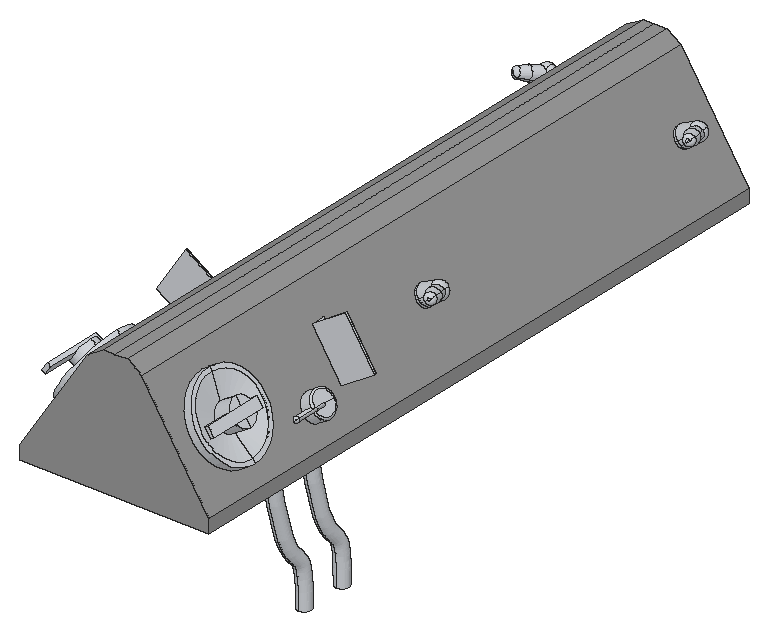
Revit family "Dual_Wall_Shower-Willoughby-CWDS-HCA", category Plumbing Fixtures, Revit 2015
Parameters (values of type "Standard")
  Waste Connection = no
  Vent Connection = no
  URL = "https://www.willoughby-ind.com/wp-content/uploads/2018/01/CWDS-HCA.pdf"
  Revision = "A"
  Model = "CWDS-HCA"
  Manufacturer = "Willoughby Industries"
  HW Connection = yes
  HCW DIA = 1/2"
  Fixture Body = Stainless Steel AISI 304-Willoughby
  Description = "Handicap Accessible Dual Station Shower"
  Default Elevation = 0' - 0"
  Contact = "(800) 428-4065"
  CW Connection = yes
Reference planes (in)
  plane 1 "Center (Front/Back)": y = 0
  plane 2: z = 0
  plane 3 "Center (Left/Right)": x = 0
  plane 4 "Left Side": x = -7
  plane 5 "Right Side": x = 7
  plane 6 "Shower head HGT": y = 72
  plane 7 "Top Of Unit": y = 103
  plane 8 "Bottom Of Unit": y = 53
  plane 9: z = 9.5
  plane 10: y = 57
  plane 11: through (4.25, 0, 4.89711) normal (0.5, 0, -0.866)
  plane 12: y = 63
  plane 13: through (-2, 0, 8.79423) normal (-0.866, 0, 0.5)
Forms (in)
  Extrusion 1, solid, material "Stainless Steel AISI 304-Willoughby" <- "Fixture Body"
    sketch origin (0, 53, 0) x (-1, 0, 0) y (0, 0, 1)
      loop
        line (-7, 0) -> (7, 0) -> (7, 1) -> (2, 8.79423) -> (0.77757, 9.5) -> (0, 9.5) -> (-0.9375, 9.5) -> (-2, 8.79423) -> (-7, 1) -> (-7, 0)
    from 0 to 50
  Sweep 2, solid
    path origin (0, 0, 0) x (0, 1, 0) y (0, 0, 1)
      loop
        spline (66.24397, 4.06332) -> (66.79783, -0.61575) -> (67.3435, -4.19488) -> (67.87276, -6.83413) -> (68.37738, -8.69359) -> (68.84913, -9.93334) -> (69.27978, -10.71345) -> (69.66111, -11.194) -> (69.98487, -11.53506) -> (70.24286, -11.89674) -> (70.42855, -12.45422) -> (70.54041, -13.42679) -> (70.57784, -15.04169)
    profile origin (0, 69.27978, -10.71345) x (0, 0.828914, 0.559375) y (1, 0, 0)
      loop
        circle (0, 0) r 0.5
  Sweep 3, solid
    path origin (0, 3.5, 0) x (0, 1, 0) y (0, 0, 1)
      loop
        spline (66.24397, 4.06332) -> (66.79783, -0.61575) -> (67.3435, -4.19488) -> (67.87276, -6.83413) -> (68.37738, -8.69359) -> (68.84913, -9.93334) -> (69.27978, -10.71345) -> (69.66111, -11.194) -> (69.98487, -11.53506) -> (70.24286, -11.89674) -> (70.42855, -12.45422) -> (70.54041, -13.42679) -> (70.57784, -15.04169)
    profile origin (0, 72.77978, -10.71345) x (0, 0.828914, 0.559375) y (1, 0, 0)
      loop
        circle (0, 0) r 0.5
  Revolve 4, solid
    sketch origin (-4.96295, 30.63672, -1.17333) x (0, 1, 0) y (0.841699, 0, 0.539947)
      loop
        line (69.40772, 11.24267) -> (70.15772, 11.24267) -> (70.15772, 11.49267) -> (70.03272, 12.61767)
        arc (70.03272, 12.61767) -> (69.82377, 12.99711) -> (69.40772, 13.11767) r 0.56596
        line (69.40772, 13.11767) -> (69.40772, 11.24267)
      axis (69.40772, 13.11767) -> (69.40772, 11.24267)
    angle from 0 to 360
  Revolve 5, solid
    sketch origin (-4.96295, 30.63672, -1.17333) x (0, 1, 0) y (0.841699, 0, 0.539947)
      loop
        line (69.15772, 12.61767) -> (67.42567, 13.61767) -> (67.36317, 13.50941)
        arc (67.36317, 13.50941) -> (67.3542, 13.324) -> (67.45468, 13.16791) r 0.30414
        line (67.45468, 13.16791) -> (68.04169, 12.68465) -> (68.90772, 12.18465) -> (69.15772, 12.61767)
      axis (69.15772, 12.61767) -> (67.42567, 13.61767)
    angle from 0 to 360
  Revolve 6, solid
    sketch origin (-6.02124, 57.5, -1.85222) x (-0.539947, 0, 0.841699) y (0.841699, 0, 0.539947)
      loop
        line (0, 12.5) -> (0, 12.656) -> (0, 14.17973) -> (-1.03, 14.17973) -> (-1.03, 12.77773)
        arc (-1.03, 12.77773) -> (-1.93072, 12.96655) -> (-2.8125, 13.23) r 11
        line (-2.8125, 13.23) -> (-3.125, 13.23) -> (-3.125, 12.5) -> (0, 12.5)
      axis (0, 14.17973) -> (0, 12.5)
    angle from 0 to 360
  Extrusion 7, solid
    sketch origin (-6.02124, 4.5, -1.85222) x (0, 1, 0) y (0.841699, 0, 0.539947)
      loop
        line (54.03, 14.17973) -> (54.03, 13.30551) -> (54.25, 13.30551) -> (54.25, 14.49301) -> (49.75, 14.49301) -> (49.75, 14.17973) -> (54.03, 14.17973)
    from -0.375 to 0.375
  Revolve 8, solid
    sketch origin (4.96295, 30.63672, -1.17333) x (0, 1, 0) y (0.841699, 0, -0.539947)
      loop
        line (69.40772, -11.24267) -> (69.40772, -13.11767)
        arc (69.40772, -13.11767) -> (69.82377, -12.99711) -> (70.03272, -12.61767) r 0.56596
        line (70.03272, -12.61767) -> (70.15772, -11.49267) -> (70.15772, -11.24267) -> (69.40772, -11.24267)
      axis (69.40772, -13.11767) -> (69.40772, -11.24267)
    angle from 0 to 360
  Revolve 9, solid
    sketch origin (4.96295, 30.63672, -1.17333) x (0, 1, 0) y (0.841699, 0, -0.539947)
      loop
        line (69.15772, -12.61767) -> (68.90772, -12.18465) -> (68.04169, -12.68465) -> (67.45468, -13.16791)
        arc (67.45468, -13.16791) -> (67.3542, -13.324) -> (67.36317, -13.50941) r 0.30414
        line (67.36317, -13.50941) -> (67.42567, -13.61767) -> (69.15772, -12.61767)
      axis (69.15772, -12.61767) -> (67.42567, -13.61767)
    angle from 0 to 360
  Revolve 10, solid
    sketch origin (6.02124, 57.5, -1.85222) x (0.539947, 0, 0.841699) y (0.841699, 0, -0.539947)
      loop
        line (0, -12.5) -> (-3.125, -12.5) -> (-3.125, -13.23) -> (-2.8125, -13.23)
        arc (-2.8125, -13.23) -> (-1.93072, -12.96655) -> (-1.03, -12.77773) r 11
        line (-1.03, -12.77773) -> (-1.03, -14.17973) -> (0, -14.17973) -> (0, -12.656) -> (0, -12.5)
      axis (0, -14.17973) -> (0, -12.5)
    angle from 0 to 360
  Extrusion 11, solid
    sketch origin (6.02124, 4.5, -1.85222) x (0, 1, 0) y (0.841699, 0, -0.539947)
      loop
        line (54.03, -14.17973) -> (49.75, -14.17973) -> (49.75, -14.49301) -> (54.25, -14.49301) -> (54.25, -13.30551) -> (54.03, -13.30551) -> (54.03, -14.17973)
    from -0.375 to 0.375
  Extrusion 12, solid
    sketch origin (-10.65142, -5, -4.82193) x (0, 1, 0) y (0.841699, 0, 0.539947)
      loop
        line (72, 18) -> (73, 18) -> (73, 18.12) -> (72.12, 18.12) -> (72.12, 21) -> (72, 21) -> (72, 18)
    from -2 to 2
  Extrusion 13, solid
    sketch origin (10.65142, -5, -4.82193) x (0, 1, 0) y (0.841699, 0, -0.539947)
      loop
        line (72, -18) -> (72, -21) -> (72.12, -21) -> (72.12, -18.12) -> (73, -18.12) -> (73, -18) -> (72, -18)
    from -2 to 2
  Revolve 14, solid
    sketch origin (-4.96295, 6.63672, -1.17333) x (0, 1, 0) y (0.841699, 0, 0.539947)
      loop
        line (69.40772, 11.24267) -> (70.15772, 11.24267) -> (70.15772, 11.49267) -> (70.03272, 12.61767)
        arc (70.03272, 12.61767) -> (69.82377, 12.99711) -> (69.40772, 13.11767) r 0.56596
        line (69.40772, 13.11767) -> (69.40772, 11.24267)
      axis (69.40772, 13.11767) -> (69.40772, 11.24267)
    angle from 0 to 360
  Revolve 15, solid
    sketch origin (-4.96295, 6.63672, -1.17333) x (0, 1, 0) y (0.841699, 0, 0.539947)
      loop
        line (69.15772, 12.61767) -> (67.42567, 13.61767) -> (67.36317, 13.50941)
        arc (67.36317, 13.50941) -> (67.3542, 13.324) -> (67.45468, 13.16791) r 0.30414
        line (67.45468, 13.16791) -> (68.04169, 12.68465) -> (68.90772, 12.18465) -> (69.15772, 12.61767)
      axis (69.15772, 12.61767) -> (67.42567, 13.61767)
    angle from 0 to 360
  Revolve 16, solid
    sketch origin (-4.33308, 75.78125, -3.36724) x (0, 1, 0) y (0.841699, 0, 0.539947)
      loop
        line (-11.5, 11.89711) -> (-11.5, 12.89711) -> (-12.375, 12.89711)
        arc (-12.375, 12.89711) -> (-12.46339, 12.8605) -> (-12.5, 12.77211) r 0.125
        line (-12.5, 12.77211) -> (-12.5, 11.89711) -> (-11.5, 11.89711)
      axis (-11.5, 11.89711) -> (-11.5, 12.89711)
    angle from 0 to 360
  Revolve 17, solid
    sketch origin (-4.33308, 75.78125, -3.36724) x (0, 1, 0) y (0.841699, 0, 0.539947)
      loop
        line (-11.5, 12.70961) -> (-11.5, 12.89711) -> (-13.875, 12.89711)
        arc (-13.875, 12.89711) -> (-14.00758, 12.8422) -> (-14.0625, 12.70961) r 0.1875
        line (-14.0625, 12.70961) -> (-11.5, 12.70961)
      axis (-14.0625, 12.70961) -> (-11.5, 12.70961)
    angle from 0 to 360
Lines and regions (in)
  symbolic lines
    curve 1: line (-6.5, 77, 0) -> (6.5, 77, 0)
    curve 2: line (6.5, 77, 0) -> (6.5, 53, 0)
    curve 3: line (6.5, 53, 0) -> (-6.5, 53, 0)
    curve 4: line (-6.5, 53, 0) -> (-6.5, 77, 0)
    curve 5: line (-2, 77, 0) -> (-2, 53, 0)
    curve 6: line (-0.77757, 77, 0) -> (-0.77757, 53, 0)
    curve 7: line (0.9375, 77, 0) -> (0.9375, 53, 0)
    curve 8: line (2, 77, 0) -> (2, 53, 0)
    curve 9: line (2, 53, 8.79423) -> (0.9375, 53, 9.5)
    curve 10: line (0.9375, 53, 9.5) -> (-0.77757, 53, 9.5)
    curve 11: line (-0.77757, 53, 9.5) -> (-2, 53, 8.79423)
    curve 12: line (-2, 53, 8.79423) -> (-6.5, 53, 1)
    curve 13: line (-6.5, 53, 1) -> (-6.5, 53, 0)
    curve 14: line (-6.5, 53, 0) -> (6.5, 53, 0)
    curve 15: line (6.5, 53, 0) -> (6.5, 53, 1)
    curve 16: line (6.5, 53, 1) -> (2, 53, 8.79423)
    curve 17: line (-2.66238, 53, 7.64695) -> (-3.40011, 53, 7.40249)
    curve 18: line (-3.40011, 53, 7.40249) -> (-5.86978, 53, 3.1249)
    curve 19: line (-5.86978, 53, 3.1249) -> (-5.68066, 53, 2.41913)
    curve 20: line (5.67617, 53, 2.42692) -> (5.86978, 53, 3.1249)
    curve 21: line (5.86978, 53, 3.1249) -> (3.40011, 53, 7.40249)
    curve 22: line (3.40011, 53, 7.40249) -> (2.69434, 53, 7.5916)
    curve 23: line (5.14758, 53, 4.37578) -> (5.55432, 53, 4.61062)
    curve 24: line (5.55432, 53, 4.61062) -> (4.54169, 53, 6.36456)
    curve 25: line (4.54169, 53, 6.36456) -> (4.13494, 53, 6.12972)
    curve 26: line (4.57514, 53, 4.33396) -> (5.96498, 53, 5.41982)
    curve 27: line (3.9375, 53, 5.43838) -> (5.64877, 53, 6.16477)
    curve 28: arc (5.64877, 53, 6.16477) -> (6.14453, 53, 5.93562) -> (5.96498, 53, 5.41982) r 0.40659
    curve 29: arc (4.82716, 53, 5.87009) -> (5.50022, 53, 5.6434) -> (5.36002, 53, 4.94717) r 0.53712
    curve 30: line (-4.13906, 53, 6.12258) -> (-4.54581, 53, 6.35742)
    curve 31: line (-4.54581, 53, 6.35742) -> (-5.54169, 53, 4.63251)
    curve 32: line (-5.54169, 53, 4.63251) -> (-5.13494, 53, 4.39767)
    curve 33: line (-3.94162, 53, 5.43124) -> (-5.64859, 53, 6.15581)
    curve 34: line (-4.5625, 53, 4.35585) -> (-6.02714, 53, 5.50015)
    curve 35: arc (-6.02714, 53, 5.50015) -> (-6.1279, 53, 5.99543) -> (-5.64859, 53, 6.15581) r 0.38139
    curve 36: arc (-5.13597, 53, 5.93821) -> (-5.55446, 53, 5.63468) -> (-5.5901, 53, 5.11893) r 0.61056
    curve 37: line (0, 77, 0) -> (0, 77, 9.5)
    curve 38: line (0, 77, 9.5) -> (0, 53, 9.5)
    curve 39: line (0, 53, 9.5) -> (0, 53, 0)
    curve 40: line (0, 53, 0) -> (0, 77, 0)
    curve 70: spline (0, 57.92702, 5.17377) -> (0, 57.89544, 5.02577) -> (0, 57.80283, 4.88785) -> (0, 57.65551, 4.76942) -> (0, 57.46351, 4.67855) -> (0, 57.23993, 4.62142) -> (0, 57, 4.60193) -> (0, 56.76007, 4.62142) -> (0, 56.53649, 4.67855) -> (0, 56.34449, 4.76942) -> (0, 56.19717, 4.88785) -> (0, 56.10456, 5.02577) -> (0, 56.07298, 5.17377)
  symbolic lines, detail levels medium+fine
    curve 41: line (0, 77, 1) -> (0, 53, 1)
    curve 42: line (0, 53, 8.79423) -> (0, 77, 8.79423)
    curve 43: line (0, 74.88072, 4.89711) -> (0, 74.77612, 5.49486)
    curve 44: line (0, 74.08613, 5.85587) -> (0, 72.524, 6.15951)
    curve 45: line (0, 73.81072, 4.80989) -> (0, 72.32927, 5.39394)
    curve 46: arc (0, 72.32927, 5.39394) -> (0, 72.01092, 5.88247) -> (0, 72.524, 6.15951) r 0.39632
    curve 47: spline (0, 73.81072, 4.80989) -> (0, 73.8871, 4.80883) -> (0, 73.96767, 4.84349) -> (0, 74.04693, 4.9115) -> (0, 74.11947, 5.00822) -> (0, 74.18035, 5.12707) -> (0, 74.22543, 5.25994) -> (0, 74.25164, 5.39779) -> (0, 74.25717, 5.53121) -> (0, 74.24167, 5.65111) -> (0, 74.20618, 5.74933) -> (0, 74.15313, 5.81917) -> (0, 74.08613, 5.85587)
    curve 48: arc (0, 73.97515, 5.87744) -> (0, 74.47425, 5.89261) -> (0, 74.77612, 5.49486) r 0.54486
    curve 49: spline (0, 74.88072, 4.89711) -> (0, 74.86165, 4.7573) -> (0, 74.80088, 4.62626) -> (0, 74.70255, 4.51292) -> (0, 74.57335, 4.42502) -> (0, 74.4221, 4.36854) -> (0, 74.25911, 4.34734) -> (0, 74.09547, 4.36284) -> (0, 73.94234, 4.41401) -> (0, 73.81016, 4.49735) -> (0, 73.70793, 4.60718) -> (0, 73.64262, 4.73602) -> (0, 73.61869, 4.87509)
    curve 50: arc (0, 74.77612, 5.49486) -> (0, 74.55969, 5.12482) -> (0, 74.13793, 5.048) r 0.5134
  symbolic lines, detail levels fine
    curve 51: line (0, 64.31699, 7.61845) -> (0, 61.75, 7.61845)
    curve 52: line (0, 61.25, 7.11845) -> (0, 61.25, 2.23429)
    curve 53: line (0, 61.77857, 1.98928) -> (0, 64.25, 1.98928)
    curve 54: line (0, 64.75, 2.42229) -> (0, 64.75, 7.18543)
    curve 55: arc (0, 64.75, 7.18543) -> (0, 64.62317, 7.49162) -> (0, 64.31699, 7.61845) r 0.43301
    curve 56: arc (0, 61.75, 7.61845) -> (0, 61.39645, 7.472) -> (0, 61.25, 7.11845) r 0.5
    curve 57: arc (0, 61.25, 2.23429) -> (0, 61.55957, 2.03757) -> (0, 61.92317, 1.98928) r 0.8517
    curve 58: arc (0, 64, 6.53591) -> (0, 63.83943, 6.85569) -> (0, 63.5, 6.96893) r 0.46862
    curve 59: arc (0, 62.5, 6.96893) -> (0, 62.15912, 6.85736) -> (0, 62, 6.53591) r 0.46334
    curve 60: arc (0, 62, 3.07181) -> (0, 62.1627, 2.7545) -> (0, 62.5, 2.6388) r 0.47677
    curve 61: arc (0, 63.5, 2.6388) -> (0, 63.8409, 2.75034) -> (0, 64, 3.07181) r 0.46328
    curve 62: line (0, 64, 3.07181) -> (0, 64, 6.53591)
    curve 63: line (0, 63.5, 6.96893) -> (0, 62.5, 6.96893)
    curve 64: line (0, 62, 6.53591) -> (0, 62, 3.07181)
    curve 65: line (0, 62.5, 2.6388) -> (0, 63.5, 2.6388)
    curve 66: spline (0, 59.98633, 5.00537) -> (0, 59.88457, 4.33682) -> (0, 59.58624, 3.71383) -> (0, 59.11165, 3.17886) -> (0, 58.49316, 2.76836) -> (0, 57.77292, 2.51031) -> (0, 57, 2.42229) -> (0, 56.22708, 2.51031) -> (0, 55.50684, 2.76836) -> (0, 54.88835, 3.17886) -> (0, 54.41376, 3.71383) -> (0, 54.11543, 4.33682) -> (0, 54.01367, 5.00537)
    curve 67: spline (0, 54.01367, 5.00537) -> (0, 54.11543, 5.67674) -> (0, 54.41376, 6.30236) -> (0, 54.88835, 6.83959) -> (0, 55.50684, 7.25183) -> (0, 56.22708, 7.51097) -> (0, 57, 7.59936) -> (0, 57.77292, 7.51097) -> (0, 58.49316, 7.25183) -> (0, 59.11165, 6.83959) -> (0, 59.58624, 6.30236) -> (0, 59.88457, 5.67674) -> (0, 59.98633, 5.00537)
    curve 68: spline (0, 59.46967, 5.2637) -> (0, 59.385, 5.81669) -> (0, 59.13677, 6.332) -> (0, 58.74188, 6.77451) -> (0, 58.22725, 7.11406) -> (0, 57.62796, 7.3275) -> (0, 56.98483, 7.40031) -> (0, 56.34171, 7.3275) -> (0, 55.74242, 7.11406) -> (0, 55.22779, 6.77451) -> (0, 54.8329, 6.332) -> (0, 54.58467, 5.81669) -> (0, 54.5, 5.2637)
    curve 69: spline (0, 54.5, 5.2637) -> (0, 54.58467, 4.71059) -> (0, 54.8329, 4.19517) -> (0, 55.22779, 3.75257) -> (0, 55.74242, 3.41295) -> (0, 56.34171, 3.19946) -> (0, 56.98483, 3.12664) -> (0, 57.62796, 3.19946) -> (0, 58.22725, 3.41295) -> (0, 58.74188, 3.75257) -> (0, 59.13677, 4.19517) -> (0, 59.385, 4.71059) -> (0, 59.46967, 5.2637)
    curve 71: spline (0, 56.07298, 5.17377) -> (0, 56.10581, 5.04908) -> (0, 56.20206, 4.93289) -> (0, 56.35518, 4.83312) -> (0, 56.55473, 4.75656) -> (0, 56.78711, 4.70843) -> (0, 57.03649, 4.69202) -> (0, 57.28586, 4.70843) -> (0, 57.51824, 4.75656) -> (0, 57.71779, 4.83312) -> (0, 57.87091, 4.93289) -> (0, 57.96717, 5.04908) -> (0, 58, 5.17377)
    curve 72: spline (0, 58, 5.17377) -> (0, 57.96593, 4.97966) -> (0, 57.86603, 4.79877) -> (0, 57.70711, 4.64344) -> (0, 57.5, 4.52425) -> (0, 57.25882, 4.44933) -> (0, 57, 4.42377) -> (0, 56.74118, 4.44933) -> (0, 56.5, 4.52425) -> (0, 56.29289, 4.64344) -> (0, 56.13397, 4.79877) -> (0, 56.03407, 4.97966) -> (0, 56, 5.17377)
    curve 73: spline (0, 57.89351, 5.85679) -> (0, 57.86306, 5.98619) -> (0, 57.77379, 6.10679) -> (0, 57.63179, 6.21034) -> (0, 57.44672, 6.2898) -> (0, 57.23121, 6.33975) -> (0, 56.99994, 6.35679) -> (0, 56.76867, 6.33975) -> (0, 56.55316, 6.2898) -> (0, 56.36809, 6.21034) -> (0, 56.22609, 6.10679) -> (0, 56.13682, 5.98619) -> (0, 56.10637, 5.85679)
    curve 74: line (0, 58.25, 5.17377) -> (0, 58.25, 5.85679)
    curve 75: line (0, 58.25, 5.85679) -> (0, 54.5, 5.85679)
    curve 76: line (0, 54.5, 5.85679) -> (0, 54.5, 5.17377)
    curve 77: line (0, 54.5, 5.17377) -> (0, 58.25, 5.17377)
    curve 78: line (0, 58.25, 5.42377) -> (0, 54.5, 5.42377)
    curve 79: arc (0, 64.75, 2.42229) -> (0, 64.58072, 2.11258) -> (0, 64.25, 1.98928) r 0.50518
Dimensions and locks (in)
  locked: plane 6 "Shower head HGT" to plane 1 "Center (Front/Back)" at 72
  aligned and locked: plane 4 "Left Side" to Extrusion 1 sketch curve
  aligned and locked: level to Extrusion 1 sketch curve
  aligned and locked: Extrusion 1 to plane 8 "Bottom Of Unit"
  aligned and locked: plane 7 "Top Of Unit" to Extrusion 1
  aligned and locked: Revolve 4 sketch curve to Revolve 4 sketch curve
  aligned and locked: Revolve 5 sketch curve to Revolve 5 sketch curve  (x2)
  aligned and locked: Revolve 6 sketch curve to Revolve 6 sketch curve  (x2)
  aligned and locked: Revolve 8 sketch curve to Revolve 8 sketch curve
  aligned and locked: Revolve 9 sketch curve to Revolve 9 sketch curve  (x2)
  aligned and locked: Revolve 10 sketch curve to Revolve 10 sketch curve  (x2)
  aligned and locked: Revolve 14 sketch curve to Revolve 14 sketch curve
  aligned and locked: Revolve 15 sketch curve to Revolve 15 sketch curve  (x2)
  aligned and locked: Revolve 16 sketch curve to Revolve 16 sketch curve
  aligned and locked: Revolve 17 sketch curve to Revolve 17 sketch curve
Connectors (in)
  piping at (0, 70.57784, -15.04169), diameter 0.5, driven by "CW Connection", driven by "HCW DIA"
    settings: on Sweep 2, index 1, connector inside diameter 24", connector length 0' - 0", flow factor 0, pipe flow 0 GPM, pressure drop 0.00 psi, fitting loss kfactor 0, connector angle 0.00°, fixture units 0, engagement length 0' - 0", angle of deflection 0.00°, flow configuration 0, flow direction 1, fitting loss method 0, system type 20, joint type 0, gender type 0, connector reference index -1, connector utility 1, adjustable connector no, is connector primary yes, connector description "CW Inlet"
  piping at (0, 74.07784, -15.04169), diameter 0.5, driven by "HW Connection", driven by "HCW DIA"
    settings: on Sweep 3, index 2, connector inside diameter 24", connector length 0' - 0", flow factor 0, pipe flow 0 GPM, pressure drop 0.00 psi, fitting loss kfactor 0, connector angle 0.00°, fixture units 0, engagement length 0' - 0", angle of deflection 0.00°, flow configuration 0, flow direction 1, fitting loss method 0, system type 19, joint type 0, gender type 0, connector reference index -1, connector utility 1, adjustable connector no, is connector primary no, connector description "HW Inlet"
